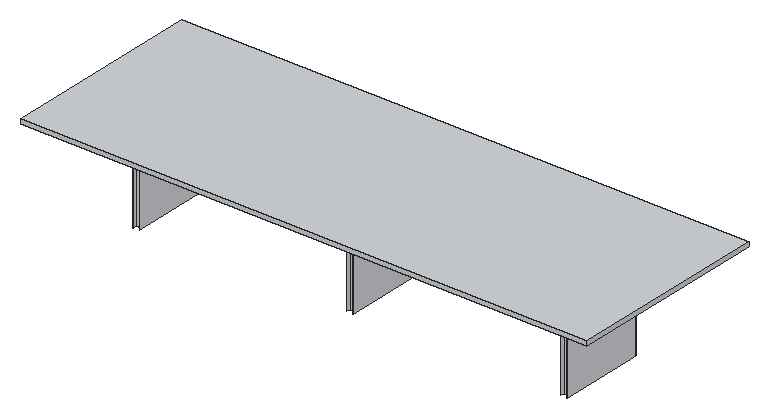
Revit family "Bernhardt_Design-Tables-Conference-Matera", category Furniture, Revit 2016
Family settings
  OmniClass Number = 23.40.20.00
  OmniClass Title = General Furniture and Specialties
  Work Plane-Based = No
  Always vertical = Yes
  Cut with Voids When Loaded = No
  Shared = No
  Room Calculation Point = No
Parameters (values of type "Matera - EWE 168x60")
  thirdLeg_visibility = yes
  tableWidth = 30"
  tableLength = 84"
  railWidth = tableLength - 21 5/8"  # 62 3/8"
  fourthLeg_visibility = no
  URL = "http://www.bernhardtdesign.com"
  TableTop = none
  SKU = "EWE"
  Model = "Matera"  # constant formula
  Manufacturer = "Bernhardt Design"  # constant formula
  Legs = none
  Copyright © = "Copyright © Bernhardt Design"  # constant formula
  Catalog = SKU  # "EWE"
  Authoring Version = "Autodesk Revit 2016"  # constant formula
Types (20): name | thirdLeg_visibility | tableWidth | tableLength | railWidth | fourthLeg_visibility | SKU | Catalog
  (no name) | yes | 30" | 84" | 62 3/8" | no | "EWE" | "EWE"
  Matera - E3D 204x54 | yes | 27 1/128" | 102.00787" | 80.38287" | no | "E3D" | "E3D"
  Matera - E3E 204x60 | yes | 30" | 102.00787" | 80.38287" | no | "E3E" | "E3E"
  Matera - E9D 240x54 | no | 27" | 120" | 98 3/8" | yes | "E9D" | "E9D"
  Matera - E9E 240x60 | no | 30" | 120" | 98 3/8" | yes | "E9E" | "E9E"
  Matera - EGC 72x48 | no | 24" | 36" | 14 3/8" | no | "EGC" | "EGC"
  Matera - EKC 96x48 | no | 24" | 48" | 26 3/8" | no | "EKC" | "EKC"
  Matera - EKD 96x54 | no | 27" | 48" | 26 3/8" | no | "EKD" | "EKD"
  Matera - EKE 96x60 | no | 30" | 48" | 26 3/8" | no | "EKE" | "EKE"
  Matera - EMC 108x48 | no | 24" | 54" | 32 3/8" | no | "EMC" | "EMC"
  Matera - EMD 108x54 | no | 27" | 54" | 32 3/8" | no | "EMD" | "EMD"
  Matera - EME 108x60 | no | 30" | 54" | 32 3/8" | no | "EME" | "EME"
  Matera - EOC 120x48 | no | 24" | 60" | 38 3/8" | no | "EOC" | "EOC"
  Matera - EOD 120x54 | no | 27" | 60" | 38 3/8" | no | "EOD" | "EOD"
  Matera - EOE 120x60 | no | 30" | 60" | 38 3/8" | no | "EOE" | "EOE"
  Matera - EQC 132x48 | yes | 24" | 66" | 44 3/8" | no | "EQC" | "EQC"
  Matera - EQD 132x54 | yes | 27" | 66" | 44 3/8" | no | "EQD" | "EQD"
  Matera - EQE 132x60 | yes | 30" | 66" | 44 3/8" | no | "EQE" | "EQE"
  Matera - EWD 168x54 | yes | 27" | 84" | 62 3/8" | no | "EWD" | "EWD"
  Matera - EWE 168x60 | yes | 30" | 84" | 62 3/8" | no | "EWE" | "EWE"
Reference planes (in)
  plane 1 "Center Front/Back": y = 0
  plane 2: z = 0
  plane 3 "Center Left/Right": x = 0
  plane 4 "bottomRail_plane": z = 25.28711
  plane 5 "RailWidth_right_plane": x = 62.375
  plane 6 "RailWidth_left_plane": x = -62.375
  plane 7 "tableBottom_plane": z = 28.23975
  plane 8 "tableLengthLeft_plane": x = -84
  plane 9 "tableLengthRight_plane": x = 84
  plane 10 "tableWidthLeft_plane": y = 30
  plane 11 "tableWidthRight_plane": y = -30
Forms (in)
  Extrusion 1, solid, material <- "Legs"
    sketch origin (0, 0, 0) x (1, 0, 0) y (0, 1, 0)
      loop
        line (-64.32385, 8.60254) -> (-64.32385, 7.65349) -> (-64.32385, 6.70445) -> (-62.55219, 6.70445) -> (-62.55219, 7.65349) -> (-62.55219, 8.60254) -> (-64.32385, 8.60254)
      loop
        line (-64.32385, -6.70445) -> (-64.32385, -7.65349) -> (-64.32385, -8.60254) -> (-62.55219, -8.60254) -> (-62.55219, -7.65349) -> (-62.55219, -6.70445) -> (-64.32385, -6.70445)
    from 25.28711 to 28.23975
  Extrusion 2, solid, material <- "Legs"
    sketch origin (0, 0, 0) x (1, 0, 0) y (0, 1, 0)
      loop
        line (-64.50098, 12.6377) -> (-64.50098, -12.6377)
        arc (-64.50098, -12.6377) -> (-64.48664, -12.67721) -> (-64.44944, -12.69678) r 0.05824
        line (-64.44944, -12.69678) -> (-64.38415, -12.69678)
        arc (-64.38415, -12.69678) -> (-64.34187, -12.68304) -> (-64.32379, -12.64243) r 0.05465
        line (-64.32379, -12.64243) -> (-64.32379, -11.69287) -> (-62.55219, -11.69287) -> (-62.55219, -12.6377)
        arc (-62.55219, -12.6377) -> (-62.53785, -12.67721) -> (-62.50065, -12.69678) r 0.05824
        line (-62.50065, -12.69678) -> (-62.43536, -12.69678)
        arc (-62.43536, -12.69678) -> (-62.39308, -12.68304) -> (-62.375, -12.64243) r 0.05465
        line (-62.375, -12.64243) -> (-62.375, 12.6377)
        arc (-62.375, 12.6377) -> (-62.3923, 12.67947) -> (-62.43408, 12.69678) r 0.05908
        line (-62.43408, 12.69678) -> (-62.4931, 12.69678)
        arc (-62.4931, 12.69678) -> (-62.53488, 12.67947) -> (-62.55219, 12.6377) r 0.05908
        line (-62.55219, 12.6377) -> (-62.55219, 11.69287) -> (-64.32379, 11.69287) -> (-64.32379, 12.6377)
        arc (-64.32379, 12.6377) -> (-64.3411, 12.67947) -> (-64.38287, 12.69678) r 0.05908
        line (-64.38287, 12.69678) -> (-64.44189, 12.69678)
        arc (-64.44189, 12.69678) -> (-64.48367, 12.67947) -> (-64.50098, 12.6377) r 0.05908
      loop
        line (-64.32379, 11.51563) -> (-64.32379, -11.51562) -> (-62.55219, -11.51562) -> (-62.55219, 11.51563) -> (-64.32379, 11.51563)
    from 0 to 27.86694
  Extrusion 3, solid, material <- "Legs"
    sketch origin (0, 0, 0) x (1, 0, 0) y (0, 1, 0)
      loop
        line (-62.375, 10.39355) -> (-62.375, 8.60254) -> (62.375, 8.60254) -> (62.375, 10.39355) -> (-62.375, 10.39355)
      loop
        line (-62.375, -8.60254) -> (-62.375, -10.39355) -> (62.375, -10.39355) -> (62.375, -8.60254) -> (-62.375, -8.60254)
    from 25.28711 to 27.31662
  Extrusion 4, solid, material <- "Legs", visible <- "thirdLeg_visibility"
    sketch origin (81.43568, 0, 0) x (1, 0, 0) y (0, 1, 0)
      loop
        line (-82.32385, 8.60254) -> (-82.32385, 7.65349) -> (-82.32385, 6.70445) -> (-80.55219, 6.70445) -> (-80.55219, 7.65349) -> (-80.55219, 8.60254) -> (-82.32385, 8.60254)
      loop
        line (-82.32385, -6.70445) -> (-82.32385, -7.65349) -> (-82.32385, -8.60254) -> (-80.55219, -8.60254) -> (-80.55219, -7.65349) -> (-80.55219, -6.70445) -> (-82.32385, -6.70445)
    from 25.28711 to 28.23975
  Extrusion 5, solid, material <- "Legs", visible <- "thirdLeg_visibility"
    sketch origin (81.43568, 0, 0) x (1, 0, 0) y (0, 1, 0)
      loop
        line (-82.50098, 12.6377) -> (-82.50098, -12.6377)
        arc (-82.50098, -12.6377) -> (-82.48664, -12.67721) -> (-82.44944, -12.69678) r 0.05824
        line (-82.44944, -12.69678) -> (-82.38415, -12.69678)
        arc (-82.38415, -12.69678) -> (-82.34187, -12.68304) -> (-82.32379, -12.64243) r 0.05465
        line (-82.32379, -12.64243) -> (-82.32379, -11.69287) -> (-80.55219, -11.69287) -> (-80.55219, -12.6377)
        arc (-80.55219, -12.6377) -> (-80.53785, -12.67721) -> (-80.50065, -12.69678) r 0.05824
        line (-80.50065, -12.69678) -> (-80.43536, -12.69678)
        arc (-80.43536, -12.69678) -> (-80.39308, -12.68304) -> (-80.375, -12.64243) r 0.05465
        line (-80.375, -12.64243) -> (-80.375, 12.6377)
        arc (-80.375, 12.6377) -> (-80.3923, 12.67947) -> (-80.43408, 12.69678) r 0.05908
        line (-80.43408, 12.69678) -> (-80.4931, 12.69678)
        arc (-80.4931, 12.69678) -> (-80.53488, 12.67947) -> (-80.55219, 12.6377) r 0.05908
        line (-80.55219, 12.6377) -> (-80.55219, 11.69287) -> (-82.32379, 11.69287) -> (-82.32379, 12.6377)
        arc (-82.32379, 12.6377) -> (-82.3411, 12.67947) -> (-82.38287, 12.69678) r 0.05908
        line (-82.38287, 12.69678) -> (-82.44189, 12.69678)
        arc (-82.44189, 12.69678) -> (-82.48367, 12.67947) -> (-82.50098, 12.6377) r 0.05908
      loop
        line (-82.32379, 11.51563) -> (-82.32379, -11.51563) -> (-80.55219, -11.51563) -> (-80.55219, 11.51562) -> (-82.32379, 11.51563)
    from 0 to 27.86694
  Extrusion 6, solid, material <- "Legs"
    sketch origin (162.87598, 0, 0) x (1, 0, 0) y (0, 1, 0)
      loop
        line (-100.32385, 8.60254) -> (-100.32385, 7.65349) -> (-100.32385, 6.70445) -> (-98.55219, 6.70445) -> (-98.55219, 7.65349) -> (-98.55219, 8.60254) -> (-100.32385, 8.60254)
      loop
        line (-100.32385, -6.70445) -> (-100.32385, -7.65349) -> (-100.32385, -8.60254) -> (-98.55219, -8.60254) -> (-98.55219, -7.65349) -> (-98.55219, -6.70445) -> (-100.32385, -6.70445)
    from 25.28711 to 28.23975
  Extrusion 7, solid, material <- "Legs"
    sketch origin (162.87598, 0, 0) x (1, 0, 0) y (0, 1, 0)
      loop
        line (-100.50098, 12.6377) -> (-100.50098, -12.6377)
        arc (-100.50098, -12.6377) -> (-100.48664, -12.67721) -> (-100.44944, -12.69678) r 0.05824
        line (-100.44944, -12.69678) -> (-100.38415, -12.69678)
        arc (-100.38415, -12.69678) -> (-100.34187, -12.68304) -> (-100.32379, -12.64243) r 0.05465
        line (-100.32379, -12.64243) -> (-100.32379, -11.69287) -> (-98.55219, -11.69287) -> (-98.55219, -12.6377)
        arc (-98.55219, -12.6377) -> (-98.53785, -12.67721) -> (-98.50065, -12.69678) r 0.05824
        line (-98.50065, -12.69678) -> (-98.43536, -12.69678)
        arc (-98.43536, -12.69678) -> (-98.39308, -12.68304) -> (-98.375, -12.64243) r 0.05465
        line (-98.375, -12.64243) -> (-98.375, 12.6377)
        arc (-98.375, 12.6377) -> (-98.3923, 12.67947) -> (-98.43408, 12.69678) r 0.05908
        line (-98.43408, 12.69678) -> (-98.4931, 12.69678)
        arc (-98.4931, 12.69678) -> (-98.53488, 12.67947) -> (-98.55219, 12.6377) r 0.05908
        line (-98.55219, 12.6377) -> (-98.55219, 11.69287) -> (-100.32379, 11.69287) -> (-100.32379, 12.6377)
        arc (-100.32379, 12.6377) -> (-100.3411, 12.67947) -> (-100.38287, 12.69678) r 0.05908
        line (-100.38287, 12.69678) -> (-100.44189, 12.69678)
        arc (-100.44189, 12.69678) -> (-100.48367, 12.67947) -> (-100.50098, 12.6377) r 0.05908
      loop
        line (-100.32379, 11.51563) -> (-100.32379, -11.51562) -> (-98.55219, -11.51562) -> (-98.55219, 11.51563) -> (-100.32379, 11.51563)
    from 0 to 27.86694
  Extrusion 8, solid, material <- "TableTop"
    sketch origin (0, 0, 0) x (1, 0, 0) y (0, 1, 0)
      loop
        line (-84, 30) -> (-84, -30) -> (84, -30) -> (84, 30) -> (-84, 30)
    from 28.23975 to 29.5
  Extrusion 9, solid, material <- "Legs", visible <- "fourthLeg_visibility"
    sketch origin (65.75, 0, 0) x (1, 0, 0) y (0, 1, 0)
      loop
        line (-99.94885, 8.60254) -> (-99.94885, 7.65349) -> (-99.94885, 6.70445) -> (-98.17719, 6.70445) -> (-98.17719, 7.65349) -> (-98.17719, 8.60254) -> (-99.94885, 8.60254)
      loop
        line (-99.94885, -6.70445) -> (-99.94885, -7.65349) -> (-99.94885, -8.60254) -> (-98.17719, -8.60254) -> (-98.17719, -7.65349) -> (-98.17719, -6.70445) -> (-99.94885, -6.70445)
    from 25.28711 to 28.23975
  Extrusion 10, solid, material <- "Legs", visible <- "fourthLeg_visibility"
    sketch origin (65.75, 0, 0) x (1, 0, 0) y (0, 1, 0)
      loop
        line (-100.12598, 12.6377) -> (-100.12598, -12.6377)
        arc (-100.12598, -12.6377) -> (-100.11164, -12.67721) -> (-100.07444, -12.69678) r 0.05824
        line (-100.07444, -12.69678) -> (-100.00915, -12.69678)
        arc (-100.00915, -12.69678) -> (-99.96687, -12.68304) -> (-99.94879, -12.64243) r 0.05465
        line (-99.94879, -12.64243) -> (-99.94879, -11.69287) -> (-98.17719, -11.69287) -> (-98.17719, -12.6377)
        arc (-98.17719, -12.6377) -> (-98.16285, -12.67721) -> (-98.12565, -12.69678) r 0.05824
        line (-98.12565, -12.69678) -> (-98.06036, -12.69678)
        arc (-98.06036, -12.69678) -> (-98.01808, -12.68304) -> (-98, -12.64243) r 0.05465
        line (-98, -12.64243) -> (-98, 12.6377)
        arc (-98, 12.6377) -> (-98.0173, 12.67947) -> (-98.05908, 12.69678) r 0.05908
        line (-98.05908, 12.69678) -> (-98.1181, 12.69678)
        arc (-98.1181, 12.69678) -> (-98.15988, 12.67947) -> (-98.17719, 12.6377) r 0.05908
        line (-98.17719, 12.6377) -> (-98.17719, 11.69287) -> (-99.94879, 11.69287) -> (-99.94879, 12.6377)
        arc (-99.94879, 12.6377) -> (-99.9661, 12.67947) -> (-100.00787, 12.69678) r 0.05908
        line (-100.00787, 12.69678) -> (-100.06689, 12.69678)
        arc (-100.06689, 12.69678) -> (-100.10867, 12.67947) -> (-100.12598, 12.6377) r 0.05908
      loop
        line (-99.94879, 11.51563) -> (-99.94879, -11.51562) -> (-98.17719, -11.51562) -> (-98.17719, 11.51563) -> (-99.94879, 11.51563)
    from 0 to 27.86694
  Extrusion 11, solid, material <- "Legs", visible <- "fourthLeg_visibility"
    sketch origin (132, 0, 0) x (1, 0, 0) y (0, 1, 0)
      loop
        line (-99.94885, 8.60254) -> (-99.94885, 7.65349) -> (-99.94885, 6.70445) -> (-98.17719, 6.70445) -> (-98.17719, 7.65349) -> (-98.17719, 8.60254) -> (-99.94885, 8.60254)
      loop
        line (-99.94885, -6.70445) -> (-99.94885, -7.65349) -> (-99.94885, -8.60254) -> (-98.17719, -8.60254) -> (-98.17719, -7.65349) -> (-98.17719, -6.70445) -> (-99.94885, -6.70445)
    from 25.28711 to 28.23975
  Extrusion 12, solid, material <- "Legs", visible <- "fourthLeg_visibility"
    sketch origin (132, 0, 0) x (1, 0, 0) y (0, 1, 0)
      loop
        line (-100.12598, 12.6377) -> (-100.12598, -12.6377)
        arc (-100.12598, -12.6377) -> (-100.11164, -12.67721) -> (-100.07444, -12.69678) r 0.05824
        line (-100.07444, -12.69678) -> (-100.00915, -12.69678)
        arc (-100.00915, -12.69678) -> (-99.96687, -12.68304) -> (-99.94879, -12.64243) r 0.05465
        line (-99.94879, -12.64243) -> (-99.94879, -11.69287) -> (-98.17719, -11.69287) -> (-98.17719, -12.6377)
        arc (-98.17719, -12.6377) -> (-98.16285, -12.67721) -> (-98.12565, -12.69678) r 0.05824
        line (-98.12565, -12.69678) -> (-98.06036, -12.69678)
        arc (-98.06036, -12.69678) -> (-98.01808, -12.68304) -> (-98, -12.64243) r 0.05465
        line (-98, -12.64243) -> (-98, 12.6377)
        arc (-98, 12.6377) -> (-98.0173, 12.67947) -> (-98.05908, 12.69678) r 0.05908
        line (-98.05908, 12.69678) -> (-98.1181, 12.69678)
        arc (-98.1181, 12.69678) -> (-98.15988, 12.67947) -> (-98.17719, 12.6377) r 0.05908
        line (-98.17719, 12.6377) -> (-98.17719, 11.69287) -> (-99.94879, 11.69287) -> (-99.94879, 12.6377)
        arc (-99.94879, 12.6377) -> (-99.9661, 12.67947) -> (-100.00787, 12.69678) r 0.05908
        line (-100.00787, 12.69678) -> (-100.06689, 12.69678)
        arc (-100.06689, 12.69678) -> (-100.10867, 12.67947) -> (-100.12598, 12.6377) r 0.05908
      loop
        line (-99.94879, 11.51563) -> (-99.94879, -11.51562) -> (-98.17719, -11.51562) -> (-98.17719, 11.51563) -> (-99.94879, 11.51563)
    from 0 to 27.86694
Dimensions and locks (in)
  "railWidth": plane 3 "Center Left/Right" to plane 6 "RailWidth_left_plane"
  "railWidth": plane 5 "RailWidth_right_plane" to plane 3 "Center Left/Right"
  "tableLength": plane 3 "Center Left/Right" to plane 8 "tableLengthLeft_plane"
  "tableLength": plane 9 "tableLengthRight_plane" to plane 3 "Center Left/Right"
  "tableWidth": plane 10 "tableWidthLeft_plane" to plane 1 "Center Front/Back"
  "tableWidth": plane 1 "Center Front/Back" to plane 11 "tableWidthRight_plane"
  aligned and locked: level to plane 2
  aligned and locked: plane 6 "RailWidth_left_plane" to Extrusion 3
  aligned and locked: Extrusion 3 to plane 5 "RailWidth_right_plane"
Automatic sketch dimensions
  plane 6 "RailWidth_left_plane" to Extrusion 1 sketch curve = 1.94885"  (x2)
  plane 6 "RailWidth_left_plane" to Extrusion 1 sketch curve = 0.17719"  (x2)
  plane 1 "Center Front/Back" to Extrusion 1 sketch curve = 8.60254"
  Extrusion 1 sketch curve to Extrusion 1 sketch curve = 0.94904"  (x6)
  Extrusion 1 sketch curve to plane 1 "Center Front/Back" = 6.70445"
  Extrusion 2 sketch curve to plane 6 "RailWidth_left_plane" = 0"
  plane 6 "RailWidth_left_plane" to Extrusion 2 sketch curve = 0.05465"
  plane 6 "RailWidth_left_plane" to Extrusion 2 sketch curve = 0.05908"
  Extrusion 2 sketch curve to Extrusion 2 sketch curve = 0.00571"  (x2)
  Extrusion 2 sketch curve to Extrusion 2 sketch curve = 0.05902"  (x2)
  Extrusion 2 sketch curve to Extrusion 2 sketch curve = 0.06431"  (x2)
  Extrusion 2 sketch curve to Extrusion 2 sketch curve = 0.00669"  (x2)
  plane 6 "RailWidth_left_plane" to Extrusion 2 sketch curve = 0.17719"  (x3)
  Extrusion 2 sketch curve to Extrusion 2 sketch curve = 1.77161"  (x2)
  Extrusion 2 sketch curve to Extrusion 2 sketch curve = 0"  (x2)
  Extrusion 2 sketch curve to Extrusion 2 sketch curve = 0.05465"
  Extrusion 2 sketch curve to Extrusion 2 sketch curve = 0.05908"
  Extrusion 2 sketch curve to Extrusion 2 sketch curve = 0.05822"
  plane 1 "Center Front/Back" to Extrusion 2 sketch curve = 12.69678"
  Extrusion 2 sketch curve to Extrusion 2 sketch curve = 0.05785"  (x2)
  Extrusion 2 sketch curve to Extrusion 2 sketch curve = 0.94956"
  Extrusion 2 sketch curve to Extrusion 2 sketch curve = 0.17725"  (x2)
  Extrusion 2 sketch curve to plane 1 "Center Front/Back" = 11 33/64"
  Extrusion 2 sketch curve to Extrusion 2 sketch curve = 0.94482"  (x2)
  Extrusion 3 sketch curve to plane 6 "RailWidth_left_plane" = 0"  (x2)
  Extrusion 3 sketch curve to plane 5 "RailWidth_right_plane" = 0"  (x2)
  plane 1 "Center Front/Back" to Extrusion 3 sketch curve = 10.39355"
  Extrusion 3 sketch curve to Extrusion 3 sketch curve = 1.79102"  (x2)
  Extrusion 3 sketch curve to plane 1 "Center Front/Back" = 8.60254"
  Extrusion 4 sketch curve to plane 3 "Center Left/Right" = 0.88817"  (x2)
  plane 3 "Center Left/Right" to Extrusion 4 sketch curve = 0.88349"  (x2)
  plane 1 "Center Front/Back" to Extrusion 4 sketch curve = 8.60254"
  Extrusion 4 sketch curve to Extrusion 4 sketch curve = 0.94904"  (x6)
  Extrusion 4 sketch curve to plane 1 "Center Front/Back" = 6.70445"
  Extrusion 5 sketch curve to plane 3 "Center Left/Right" = 1.0653"
  Extrusion 5 sketch curve to Extrusion 5 sketch curve = 0.05154"  (x2)
  Extrusion 5 sketch curve to Extrusion 5 sketch curve = 0.05822"
  Extrusion 5 sketch curve to Extrusion 5 sketch curve = 0.05908"  (x2)
  Extrusion 5 sketch curve to Extrusion 5 sketch curve = 0.06529"  (x2)
  Extrusion 5 sketch curve to Extrusion 5 sketch curve = 0.05902"  (x2)
  Extrusion 5 sketch curve to Extrusion 5 sketch curve = 0.00571"  (x2)
  Extrusion 5 sketch curve to plane 3 "Center Left/Right" = 0.88811"
  Extrusion 5 sketch curve to Extrusion 5 sketch curve = 0.05465"  (x2)
  Extrusion 5 sketch curve to Extrusion 5 sketch curve = 0"  (x4)
  plane 3 "Center Left/Right" to Extrusion 5 sketch curve = 0.88349"
  Extrusion 5 sketch curve to Extrusion 5 sketch curve = 0.00669"
  plane 1 "Center Front/Back" to Extrusion 5 sketch curve = 12.69678"
  Extrusion 5 sketch curve to Extrusion 5 sketch curve = 0.05785"  (x2)
  Extrusion 5 sketch curve to Extrusion 5 sketch curve = 0.94956"
  Extrusion 5 sketch curve to Extrusion 5 sketch curve = 0.17725"  (x2)
  Extrusion 5 sketch curve to plane 1 "Center Front/Back" = 11 33/64"
  Extrusion 5 sketch curve to Extrusion 5 sketch curve = 0.94482"  (x2)
  Extrusion 6 sketch curve to plane 5 "RailWidth_right_plane" = 0.17712"  (x2)
  Extrusion 6 sketch curve to Extrusion 6 sketch curve = 1.77167"  (x2)
  plane 1 "Center Front/Back" to Extrusion 6 sketch curve = 8.60254"
  Extrusion 6 sketch curve to Extrusion 6 sketch curve = 0.94904"  (x6)
  Extrusion 6 sketch curve to plane 1 "Center Front/Back" = 6.70445"
  Extrusion 7 sketch curve to plane 5 "RailWidth_right_plane" = 0"
  Extrusion 7 sketch curve to plane 5 "RailWidth_right_plane" = 0.05154"
  Extrusion 7 sketch curve to plane 5 "RailWidth_right_plane" = 0.05822"
  Extrusion 7 sketch curve to plane 5 "RailWidth_right_plane" = 0.05908"
  Extrusion 7 sketch curve to Extrusion 7 sketch curve = 0.06529"  (x2)
  Extrusion 7 sketch curve to Extrusion 7 sketch curve = 0.05902"  (x2)
  Extrusion 7 sketch curve to Extrusion 7 sketch curve = 0.00571"  (x2)
  Extrusion 7 sketch curve to plane 5 "RailWidth_right_plane" = 0.17719"  (x2)
  Extrusion 7 sketch curve to Extrusion 7 sketch curve = 0.05465"  (x2)
  Extrusion 7 sketch curve to Extrusion 7 sketch curve = 1.77161"
  Extrusion 7 sketch curve to Extrusion 7 sketch curve = 0"  (x3)
  Extrusion 7 sketch curve to Extrusion 7 sketch curve = 0.05154"
  Extrusion 7 sketch curve to Extrusion 7 sketch curve = 0.00669"
  Extrusion 7 sketch curve to Extrusion 7 sketch curve = 0.05908"
  plane 1 "Center Front/Back" to Extrusion 7 sketch curve = 12.69678"
  Extrusion 7 sketch curve to Extrusion 7 sketch curve = 0.05785"  (x2)
  Extrusion 7 sketch curve to Extrusion 7 sketch curve = 0.94956"
  Extrusion 7 sketch curve to Extrusion 7 sketch curve = 0.17725"  (x2)
  Extrusion 7 sketch curve to plane 1 "Center Front/Back" = 11 33/64"
  Extrusion 7 sketch curve to Extrusion 7 sketch curve = 0.94482"  (x2)
  Extrusion 8 sketch curve to plane 8 "tableLengthLeft_plane" = 0"
  Extrusion 8 sketch curve to plane 9 "tableLengthRight_plane" = 0"
  Extrusion 8 sketch curve to plane 11 "tableWidthRight_plane" = 0"
  Extrusion 8 sketch curve to plane 10 "tableWidthLeft_plane" = 0"
  Extrusion 9 sketch curve to plane 1 "Center Front/Back" = 8.60254"
  Extrusion 9 sketch curve to plane 3 "Center Left/Right" = 34.19885"
  Extrusion 9 sketch curve to Extrusion 9 sketch curve = 0"
  Extrusion 9 sketch curve to Extrusion 9 sketch curve = 1.77167"  (x2)
  Extrusion 9 sketch curve to Extrusion 9 sketch curve = 0.94904"  (x6)
  plane 1 "Center Front/Back" to Extrusion 9 sketch curve = 6.70445"
  Extrusion 10 sketch curve to plane 1 "Center Front/Back" = 12.6377"
  Extrusion 10 sketch curve to plane 3 "Center Left/Right" = 34.37598"
  Extrusion 10 sketch curve to Extrusion 10 sketch curve = 0.05154"  (x2)
  Extrusion 10 sketch curve to Extrusion 10 sketch curve = 0.00669"
  Extrusion 10 sketch curve to Extrusion 10 sketch curve = 0.05908"  (x3)
  Extrusion 10 sketch curve to Extrusion 10 sketch curve = 0.06529"  (x2)
  Extrusion 10 sketch curve to Extrusion 10 sketch curve = 0.05902"  (x2)
  Extrusion 10 sketch curve to Extrusion 10 sketch curve = 0.00571"  (x2)
  Extrusion 10 sketch curve to Extrusion 10 sketch curve = 0.05465"  (x2)
  Extrusion 10 sketch curve to Extrusion 10 sketch curve = 0"  (x3)
  Extrusion 10 sketch curve to Extrusion 10 sketch curve = 1.77161"
  Extrusion 10 sketch curve to Extrusion 10 sketch curve = 0.05822"
  Extrusion 10 sketch curve to Extrusion 10 sketch curve = 0.94482"  (x4)
  Extrusion 10 sketch curve to Extrusion 10 sketch curve = 0.17725"  (x2)
  plane 1 "Center Front/Back" to Extrusion 10 sketch curve = 11 33/64"
  Extrusion 10 sketch curve to Extrusion 10 sketch curve = 0.00123"  (x2)
  Extrusion 11 sketch curve to plane 1 "Center Front/Back" = 8.60254"
  plane 3 "Center Left/Right" to Extrusion 11 sketch curve = 32.05115"
  Extrusion 11 sketch curve to Extrusion 11 sketch curve = 0"
  Extrusion 11 sketch curve to Extrusion 11 sketch curve = 1.77167"  (x2)
  Extrusion 11 sketch curve to Extrusion 11 sketch curve = 0.94904"  (x6)
  plane 1 "Center Front/Back" to Extrusion 11 sketch curve = 6.70445"
  Extrusion 12 sketch curve to plane 1 "Center Front/Back" = 12.6377"
  plane 3 "Center Left/Right" to Extrusion 12 sketch curve = 31.87402"
  Extrusion 12 sketch curve to Extrusion 12 sketch curve = 0.05154"  (x2)
  Extrusion 12 sketch curve to Extrusion 12 sketch curve = 0.00669"
  Extrusion 12 sketch curve to Extrusion 12 sketch curve = 0.05908"  (x3)
  Extrusion 12 sketch curve to Extrusion 12 sketch curve = 0.06529"  (x2)
  Extrusion 12 sketch curve to Extrusion 12 sketch curve = 0.05902"  (x2)
  Extrusion 12 sketch curve to Extrusion 12 sketch curve = 0.00571"  (x2)
  Extrusion 12 sketch curve to Extrusion 12 sketch curve = 0.05465"  (x2)
  Extrusion 12 sketch curve to Extrusion 12 sketch curve = 0"  (x3)
  Extrusion 12 sketch curve to Extrusion 12 sketch curve = 1.77161"
  Extrusion 12 sketch curve to Extrusion 12 sketch curve = 0.05822"
  Extrusion 12 sketch curve to Extrusion 12 sketch curve = 0.94482"  (x4)
  Extrusion 12 sketch curve to Extrusion 12 sketch curve = 0.17725"  (x2)
  plane 1 "Center Front/Back" to Extrusion 12 sketch curve = 11 33/64"
  Extrusion 12 sketch curve to Extrusion 12 sketch curve = 0.00123"  (x2)
